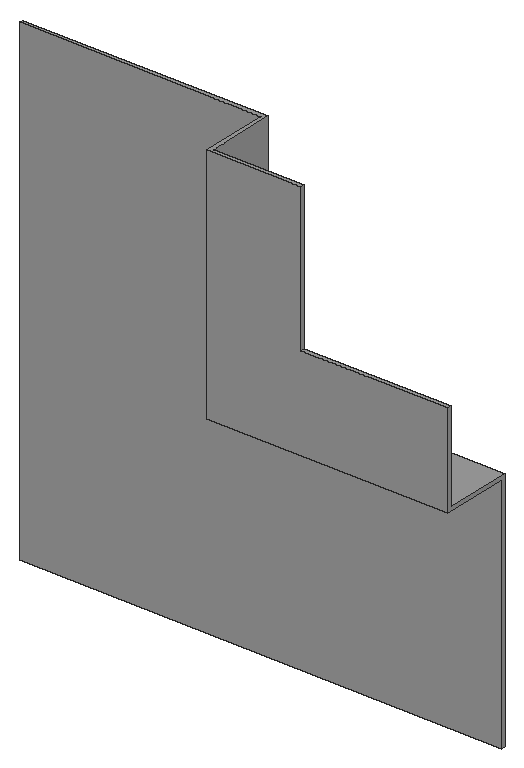
Revit family "Flashing_Preformed_Hyload_Type-W5", category Generic Models, Revit 2015
Parameters (values of type "As Specified")
  Unit Width = 0' - 7 1/8"
  Unit Height = 0' - 4"
  Unit Depth = 0' - 6"
  URL = "http://www.hyload.com/"
  Thickness = 0' - 0 1/16"
  Specification = "http://www.arcat.com/sdspecs/htm04/07_65_00hyl.htm"
  Sales Information = "http://www.hyload.com/contact-us"
  Revision = "R1_12-2015"
  Product Properties = "http://www.hyload.com/masonry-flashing/preformed-shapes/"
  Product Data = "http://www.arcat.com/arcatcos/cos33/arc33176.html"
  Model = "Type W5"
  Manufacturer Website = "http://www.hyload.com/"
  Manufacturer Phone - Toll Free = "800-457-4056"
  Manufacturer Phone = "330-769-3546"
  Manufacturer Fax = "330-769-4153"
  Manufacturer Address = "5020 Panther Pkwy., Seville, OH 44273"
  Manufacturer = "Hyload"
  Keynote = "07 65 00"
  Flashing Material = Hyload Flashing Membrane - Grey
  Drawn By = "Robert S. Weygant / Sumex Design"
  Description = "Preformed Hyload Masonry Flashing - Type W5"
  Copyright = "(c) ARCAT, Inc, 2015"
  Construction Details = "http://www.arcat.com/details/hyload/hyload.html?coid=33176"
  Assembly Code = "B3010400"
Reference planes (in)
  plane 1 "Center (Front/Back)": y = 0
  plane 2: z = 0
  plane 3 "Center (Left/Right)": x = 0
  plane 4: x = 4
  plane 5: z = 4
  plane 6: y = -1.125
  plane 7: z = 8
Forms (in)
  Sweep 1, solid, material "Hyload Flashing Membrane - Grey" <- "Flashing Material"
    path origin (0, 0, 0) x (1, 0, 0) y (0, 0, 1)
      loop
        line (4, 4) -> (0, 4) -> (0, 8)
    profile origin (2, 0, 4) x (0, 0, -1) y (0, -1, 0)
      loop
        line (0, 0) -> (0, 1.125) -> (-1.5625, 1.125) -> (-1.5625, 1.0625) -> (-0.0625, 1.0625) -> (-0.0625, -0.0625) -> (4, -0.0625) -> (4, 0) -> (0, 0)
Dimensions and locks (in)
  "Unit Height": plane 5 to level
  plane 1 "Center (Front/Back)" to plane 6 = 0' - 1 1/8"
  plane 7 to level = 0' - 8"
  plane 4 to plane 3 "Center (Left/Right)" = 0' - 4"
  aligned and locked: plane 2 to level
  aligned and locked: plane 3 "Center (Left/Right)" to Sweep 1 sketch curve
  aligned and locked: plane 5 to Sweep 1 sketch curve  (x2)
  aligned and locked: Sweep 1 sketch curve to plane 6
  aligned and locked: Sweep 1 sketch curve to level
  aligned and locked: plane 7 to Sweep 1 sketch curve
Automatic sketch dimensions
  profile plane to Sweep 1 sketch curve = 0' - 1 9/16"
  profile plane to Sweep 1 sketch curve = 0' - 0 1/16"
  Sweep 1 sketch curve to Sweep 1 sketch curve = 0' - 0 1/16"  (x2)
  Sweep 1 sketch curve to plane 1 "Center (Front/Back)" = 0' - 0"
  Sweep 1 sketch curve to plane 4 = 0' - 0"
